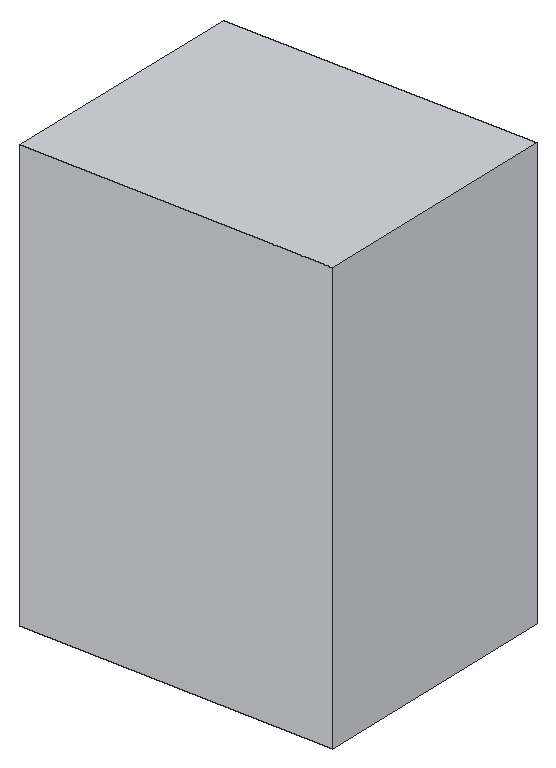
Revit family "CVC_PAC_Weishaupt_WWP-S-35-IDR", category Equipement de génie climatique, Revit 2026
Family settings
  Cote de connecteur circulaire = Utiliser le diamètre
  Type d'élément = Normal
  Basée sur le plan de construction = Non
  Toujours verticalement = Oui
  Couper avec des vides une fois chargée = Non
  Conserver l'orientation des annotations = Non
  Partagée = Non
  Repère de localisation dans la pièce = Non
Parameters (values of type "35 kW")
  Source = "CCTP lot 12 § 4.6"
  Modèle = "WWP S 35 IDR"
  Fabricant = "Weishaupt"
  Elévation par défaut = 0 mm
  Description = "Pompe à chaleur géothermique"
  Caractéristiques CCTP = "35 kW chaud, 40 kW froid, eau glycolée/eau, réversible ; 2 unités"
  A vérifier = "Dimensions APPROXIMATIVES (800x650x1100 mm) : aucune donnée fabricant trouvée"
Reference planes
  plane 1 "Centre (avant/arrière)": y = 0
  plane 2: z = 0
  plane 3 "Centre (gauche/droite)": x = 0
Forms (mm)
  Extrusion 1, solid
    sketch origin (0, 0, 0) x (1, 0, 0) y (0, 1, 0)
      loop
        line (-400, -325) -> (400, -325) -> (400, 325) -> (-400, 325) -> (-400, -325)
    from 0 to 1100
  Extrusion 2, solid
    sketch origin (0, 0, 1100) x (1, 0, 0) y (0, 1, 0)
      loop
        circle (-250, -150) r 25
    from 0 to 60
  Extrusion 3, solid
    sketch origin (0, 0, 1100) x (1, 0, 0) y (0, 1, 0)
      loop
        circle (-120, -150) r 25
    from 0 to 60
  Extrusion 4, solid
    sketch origin (0, 0, 1100) x (1, 0, 0) y (0, 1, 0)
      loop
        circle (120, -150) r 25
    from 0 to 60
  Extrusion 5, solid
    sketch origin (0, 0, 1100) x (1, 0, 0) y (0, 1, 0)
      loop
        circle (250, -150) r 25
    from 0 to 60
Dimensions and locks
  aligned and locked: level to plane 2
Connectors
  piping at (-250, -150, 1160), diameter 50
    settings: on Extrusion 2, index 1, connector inside diameter 609.6 mm, connector length 0 mm, flow factor 0, pipe flow 0.0 L/s, pressure drop 0.0 Pa, fitting loss kfactor 0, connector angle 0.00°, fixture units 0, engagement length 0 mm, angle of deflection 0.00°, flow configuration 0, flow direction 0, fitting loss method 0, system type 7, joint type 0, gender type 0, connector reference index -1, connector utility 0, adjustable connector no, is connector primary yes, connector description "Depart chauffage/froid"
  piping at (-120, -150, 1160), diameter 50
    settings: on Extrusion 3, index 2, connector inside diameter 609.6 mm, connector length 0 mm, flow factor 0, pipe flow 0.0 L/s, pressure drop 0.0 Pa, fitting loss kfactor 0, connector angle 0.00°, fixture units 0, engagement length 0 mm, angle of deflection 0.00°, flow configuration 0, flow direction 0, fitting loss method 0, system type 8, joint type 0, gender type 0, connector reference index -1, connector utility 0, adjustable connector no, is connector primary no, connector description "Retour chauffage/froid"
  piping at (120, -150, 1160), diameter 50
    settings: on Extrusion 4, index 3, connector inside diameter 609.6 mm, connector length 0 mm, flow factor 0, pipe flow 0.0 L/s, pressure drop 0.0 Pa, fitting loss kfactor 0, connector angle 0.00°, fixture units 0, engagement length 0 mm, angle of deflection 0.00°, flow configuration 0, flow direction 0, fitting loss method 0, system type 22, joint type 0, gender type 0, connector reference index -1, connector utility 0, adjustable connector no, is connector primary no, connector description "Depart sondes"
  piping at (250, -150, 1160), diameter 50
    settings: on Extrusion 5, index 4, connector inside diameter 609.6 mm, connector length 0 mm, flow factor 0, pipe flow 0.0 L/s, pressure drop 0.0 Pa, fitting loss kfactor 0, connector angle 0.00°, fixture units 0, engagement length 0 mm, angle of deflection 0.00°, flow configuration 0, flow direction 0, fitting loss method 0, system type 22, joint type 0, gender type 0, connector reference index -1, connector utility 0, adjustable connector no, is connector primary no, connector description "Retour sondes"
